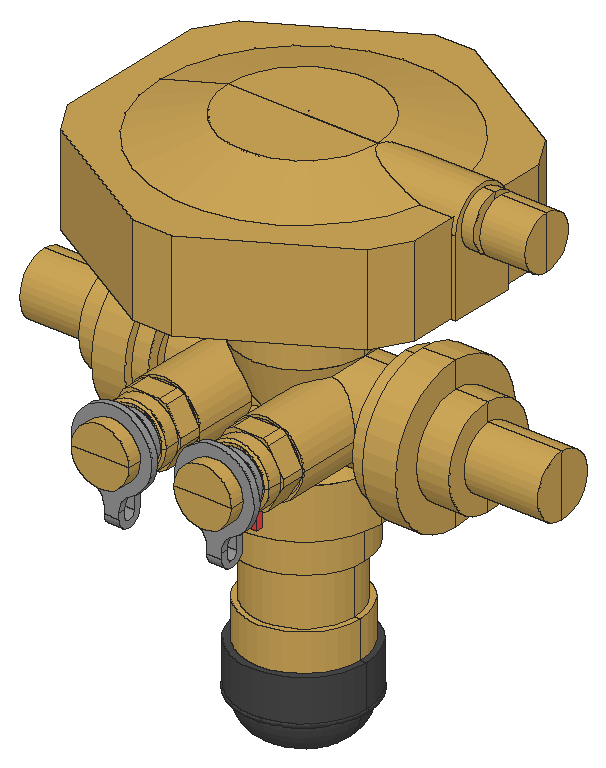
Revit family "Kombiventil 4006_M", category Rohrzubehör, Revit 2018 (continued)
Definition of nested family "Messstutzen_Band_Eintritt_senkrecht"
  Forms (mm)
    Revolve 1, solid, detail levels fine
      sketch origin (0, 0, 0) x (1, 0, 0) y (0, 0, 1)
        loop
          line (-7.4, -9) -> (-7.4, -16.5)
          arc (-7.4, -16.5) -> (-7.693, -17.207) -> (-8.4, -17.5) r 1
          line (-8.4, -17.5) -> (-2, -17.5) -> (-2, 0) -> (-5.555, 0) -> (-6.455, -0.9) -> (-6.455, -4.681) -> (-5.843, -5.293)
          arc (-5.843, -5.293) -> (-5.626, -5.617) -> (-5.55, -6) r 1
          line (-5.55, -6) -> (-5.55, -9) -> (-7.4, -9)
        loop
          line (-3.7, -27) -> (-3.7, -30.45) -> (-4.415, -30.863) -> (-4.415, -35.19) -> (-3.805, -35.8) -> (-2, -35.8) -> (-2, -23) -> (-7.9, -23) -> (-7.9, -26.4) -> (-7.3, -27) -> (-3.7, -27)
        axis (0, 0) -> (0, -35.8)
      angle from 0 to 360
    Extrusion 2, solid, detail levels fine
      sketch origin (0, 0, -17.5) x (0, 1, 0) y (1, 0, 0)
        loop
          line (-7.07, -5.156) -> (-0.93, -8.7)
          arc (-0.93, -8.7) -> (0, -8.75) -> (0.93, -8.7) r 8.75
          line (0.93, -8.7) -> (7.07, -5.156)
          arc (7.07, -5.156) -> (7.578, -4.375) -> (8, -3.544) r 8.75
          line (8, -3.544) -> (8, 3.544)
          arc (8, 3.544) -> (7.578, 4.375) -> (7.07, 5.156) r 8.75
          line (7.07, 5.156) -> (0.93, 8.7)
          arc (0.93, 8.7) -> (0, 8.75) -> (-0.93, 8.7) r 8.75
          line (-0.93, 8.7) -> (-7.07, 5.156)
          arc (-7.07, 5.156) -> (-7.578, 4.375) -> (-8, 3.544) r 8.75
          line (-8, 3.544) -> (-8, -3.544)
          arc (-8, -3.544) -> (-7.578, -4.375) -> (-7.07, -5.156) r 8.75
      from 0 to 5.5
    Revolve 3, solid, visible <- "Schutzkappe", detail levels fine
      sketch origin (0, 0, 0) x (1, 0, 0) y (0, 0, 1)
        loop
          line (0, -35.878) -> (-3.805, -35.878) -> (-4.415, -35.268) -> (-4.415, -30.178) -> (-6.9, -30.178) -> (-6.9, -31.678) -> (-6.1, -31.678) -> (-6.1, -33.378) -> (-7, -33.378) -> (-7, -36.678) -> (0, -36.678) -> (0, -35.878)
        axis (0, -30.178) -> (0, -36.678)
      angle from 0 to 360
    Extrusion 4, solid, detail levels fine
      sketch origin (0, 0, -27) x (0, 1, 0) y (-1, 0, 0)
        loop
          circle (0, 0) r 3.7
        loop
          arc (5.505, 3.906) -> (-6.75, 0) -> (5.505, -3.906) r 6.75
          arc (5.505, -3.906) -> (7.288, -2.358) -> (9.582, -1.8) r 5
          line (9.582, -1.8) -> (9.582, 1.8)
          arc (9.582, 1.8) -> (7.288, 2.358) -> (5.505, 3.906) r 5
      from 0 to -1.5
    Extrusion 5, solid, detail levels fine
      sketch origin (0, 0, -31.678) x (0, 1, 0) y (-1, 0, 0)
        loop
          circle (0, 0) r 6.1
        loop
          arc (8.652, 4.495) -> (-9.75, 0) -> (8.652, -4.495) r 9.75
          arc (8.652, -4.495) -> (10.493, -2.527) -> (13.089, -1.8) r 5
          line (13.089, -1.8) -> (13.089, 1.8)
          arc (13.089, 1.8) -> (10.493, 2.527) -> (8.652, 4.495) r 5
      from 0 to -1.5
    Sweep 6, solid, detail levels fine
      path origin (0, 0, 0) x (0, 0, 1) y (0, -1, 0)
        loop
          line (-27.75, -9.582) -> (-27.75, -14.522)
          arc (-27.75, -14.522) -> (-30.089, -16.862) -> (-32.428, -14.522) r 2.339
          line (-32.428, -14.522) -> (-32.428, -13.089)
      profile origin (0, 12.052, -27.75) x (0, 0, 1) y (1, 0, 0)
        loop
          line (0.75, -1.8) -> (0.75, 1.8) -> (-0.75, 1.8) -> (-0.75, -1.8) -> (0.75, -1.8)
  Cuts and joins
    joined: Extrusion 4, Extrusion 5, Sweep 6
  Dimensions and locks
    aligned and locked: level to plane 2
